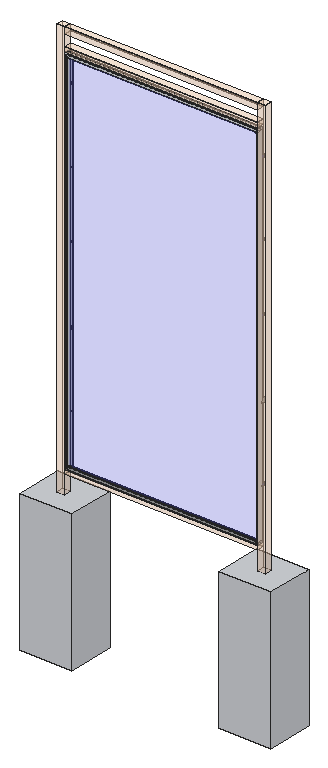
Revit family "Fence detail", category Generic Models, Revit 2026
Family settings
  Can host rebar = No
  Round Connector Dimension = Use Diameter
  Part Type = Normal
  Work Plane-Based = No
  Always vertical = Yes
  Cut with Voids When Loaded = No
  Maintain Annotation Orientation = No
  Shared = No
  Room Calculation Point = No
Parameters
  Default Elevation = 0"
Reference planes (in)
  plane 1 "Center (Front/Back)": y = 0
  plane 2: z = 0
  plane 3 "Center (Left/Right)": x = 0
  plane 4: z = 6
  plane 5: z = 102
  plane 6: x = 24.88189
  plane 7: x = -24.88189
  plane 8: z = 19.68504
  plane 9: z = 54
  plane 10: z = 36.84252
  plane 11: z = 91.79528
  plane 12: z = 78.26772
  plane 13: z = 108
  plane 14: z = -36
Forms (in)
  Extrusion 1, solid, material "Default Wall"
    sketch origin (0, -1.24311, 117.48181) x (0, -1, 0) y (0, 0, -1)
      loop
        line (-0.08731, 111.48031) -> (-1.24431, 111.48031)
        arc (-1.24431, 111.48031) -> (-1.2951, 111.45928) -> (-1.31613, 111.4085) r 0.07182
        line (-1.31613, 111.4085) -> (-1.31613, 111.21062) -> (-1.24559, 111.02685) -> (-1.19798, 111.02685) -> (-1.19798, 111.08495) -> (-1.23074, 111.11771) -> (-1.25522, 111.16011) -> (-1.25522, 111.29751) -> (-1.21613, 111.29751) -> (-1.21613, 111.25897) -> (-1.18348, 111.25897) -> (-1.18348, 111.38122)
        arc (-1.18348, 111.38122) -> (-1.1758, 111.39979) -> (-1.15723, 111.40747) r 0.02625
        line (-1.15723, 111.40747) -> (-1.0137, 111.40747)
        arc (-1.0137, 111.40747) -> (-0.9643, 111.38701) -> (-0.94384, 111.33762) r 0.06985
        line (-0.94384, 111.33762) -> (-0.94384, 110.96082)
        arc (-0.94384, 110.96082) -> (-0.92856, 110.92393) -> (-0.89167, 110.90865) r 0.05217
        line (-0.89167, 110.90865) -> (-0.12872, 110.90865)
        arc (-0.12872, 110.90865) -> (-0.09561, 110.89493) -> (-0.0819, 110.86183) r 0.04682
        line (-0.0819, 110.86183) -> (-0.0819, 110.59688)
        arc (-0.0819, 110.59688) -> (-0.04155, 110.55653) -> (-0.00121, 110.59688) r 0.04035
        line (-0.00121, 110.59688) -> (-0.00121, 111.39421)
        arc (-0.00121, 111.39421) -> (-0.02643, 111.4551) -> (-0.08731, 111.48031) r 0.0861
      loop
        line (-0.14274, 111.43498) -> (-0.83725, 111.43498)
        arc (-0.83725, 111.43498) -> (-0.8802, 111.41719) -> (-0.898, 111.37423) r 0.06075
        line (-0.898, 111.37423) -> (-0.898, 111.02433)
        arc (-0.898, 111.02433) -> (-0.87808, 110.97624) -> (-0.83, 110.95633) r 0.068
        line (-0.83, 110.95633) -> (-0.14091, 110.95633)
        arc (-0.14091, 110.95633) -> (-0.09918, 110.97361) -> (-0.0819, 111.01534) r 0.05901
        line (-0.0819, 111.01534) -> (-0.0819, 111.37414)
        arc (-0.0819, 111.37414) -> (-0.09972, 111.41716) -> (-0.14274, 111.43498) r 0.06084
    from -24.88189 to 24.88189
  Extrusion 2, solid
    sketch origin (19.68504, -1.24311, 0) x (0, -1, 0) y (0, 0, 1)
      loop
        line (-0.08731, 102) -> (-1.24431, 102)
        arc (-1.24431, 102) -> (-1.2951, 101.97896) -> (-1.31613, 101.92818) r 0.07182
        line (-1.31613, 101.92818) -> (-1.31613, 101.73031) -> (-1.24559, 101.54653) -> (-1.19798, 101.54653) -> (-1.19798, 101.60464) -> (-1.23074, 101.6374) -> (-1.25522, 101.6798) -> (-1.25522, 101.81719) -> (-1.21613, 101.81719) -> (-1.21613, 101.77865) -> (-1.18348, 101.77865) -> (-1.18348, 101.90091)
        arc (-1.18348, 101.90091) -> (-1.1758, 101.91947) -> (-1.15723, 101.92716) r 0.02625
        line (-1.15723, 101.92716) -> (-1.0137, 101.92716)
        arc (-1.0137, 101.92716) -> (-0.9643, 101.9067) -> (-0.94384, 101.85731) r 0.06985
        line (-0.94384, 101.85731) -> (-0.94384, 101.4805)
        arc (-0.94384, 101.4805) -> (-0.92856, 101.44361) -> (-0.89167, 101.42833) r 0.05217
        line (-0.89167, 101.42833) -> (-0.12872, 101.42833)
        arc (-0.12872, 101.42833) -> (-0.09561, 101.41462) -> (-0.0819, 101.38151) r 0.04682
        line (-0.0819, 101.38151) -> (-0.0819, 101.11656)
        arc (-0.0819, 101.11656) -> (-0.04155, 101.07622) -> (-0.00121, 101.11656) r 0.04035
        line (-0.00121, 101.11656) -> (-0.00121, 101.9139)
        arc (-0.00121, 101.9139) -> (-0.02643, 101.97478) -> (-0.08731, 102) r 0.0861
      loop
        line (-0.14274, 101.95467) -> (-0.83725, 101.95467)
        arc (-0.83725, 101.95467) -> (-0.8802, 101.93687) -> (-0.898, 101.89392) r 0.06075
        line (-0.898, 101.89392) -> (-0.898, 101.54401)
        arc (-0.898, 101.54401) -> (-0.87808, 101.49593) -> (-0.83, 101.47601) r 0.068
        line (-0.83, 101.47601) -> (-0.14091, 101.47601)
        arc (-0.14091, 101.47601) -> (-0.09918, 101.4933) -> (-0.0819, 101.53502) r 0.05901
        line (-0.0819, 101.53502) -> (-0.0819, 101.89383)
        arc (-0.0819, 101.89383) -> (-0.09972, 101.93685) -> (-0.14274, 101.95467) r 0.06084
    from -5.19685 to 44.56693
  Extrusion 3, solid, material "Glass"
    sketch origin (0, 0, 0) x (0, 1, 0) y (0, 0, 1)
      loop
        line (-0.05962, 101.90091) -> (-0.29948, 101.90091) -> (-0.29948, 6.05839) -> (-0.05962, 6.05839) -> (-0.05962, 101.90091)
    from -24.88189 to 24.88189
  Extrusion 4, solid
    sketch origin (0, -1.16887, 0) x (1, 0, 0) y (0, 1, 0)
      loop
        line (-24.88189, -0.07303) -> (-24.60105, -0.07303) -> (-24.44182, -0.01211) -> (-24.44182, 0.04513) -> (-24.48167, 0.04513) -> (-24.51443, 0.01237) -> (-24.57842, -0.01211) -> (-24.6781, -0.01211) -> (-24.6781, 0.02698) -> (-24.82361, 0.02698) -> (-24.82361, 0.29948) -> (-24.47078, 0.29948) -> (-24.47078, 1.15679) -> (-23.78894, 1.15679) -> (-23.78894, 1.2419) -> (-24.88189, 1.2419) -> (-24.88189, -0.07303)
      loop
        line (-24.83982, 0.3355) -> (-24.53056, 0.3355) -> (-24.53056, 1.15679) -> (-24.83982, 1.15679) -> (-24.83982, 0.3355)
    from 6 to 101.42833
  Extrusion 5, solid
    sketch origin (0, -1.16887, 0) x (-1, 0, 0) y (0, -1, 0)
      loop
        line (-24.88189, 0.07303) -> (-24.88189, -1.2419) -> (-23.78894, -1.2419) -> (-23.78894, -1.15679) -> (-24.47078, -1.15679) -> (-24.47078, -0.29948) -> (-24.82361, -0.29948) -> (-24.82361, -0.02698) -> (-24.6781, -0.02698) -> (-24.6781, 0.01211) -> (-24.57842, 0.01211) -> (-24.51443, -0.01237) -> (-24.48167, -0.04513) -> (-24.44182, -0.04513) -> (-24.44182, 0.01211) -> (-24.60105, 0.07303) -> (-24.88189, 0.07303)
      loop
        line (-24.83982, -0.3355) -> (-24.83982, -1.15679) -> (-24.53056, -1.15679) -> (-24.53056, -0.3355) -> (-24.83982, -0.3355)
    from 6 to 102
  Extrusion 6, solid, material "Analytical Panels"
    sketch origin (0, 0, 0) x (1, 0, 0) y (0, 1, 0)
      loop
        line (24.88189, -1.2419) -> (26.88976, -1.2419) -> (26.88976, 0.76597) -> (24.88189, 0.76597) -> (24.88189, -1.2419)
    from 0 to 108
  Extrusion 7, solid, material "Glass"
    sketch origin (0.04537, -0.24607, 0) x (1, 0, 0) y (0, 1, 0)
      loop
        line (24.83652, 0.31909) -> (24.83652, 1.10649) -> (24.79636, 1.10649) -> (24.79636, 0.35846) -> (24.04911, 0.35846) -> (24.04911, 0.31909) -> (24.83652, 0.31909)
    from 57.92294 to 58.74016
  Extrusion 8, solid, material "Glass"
    sketch origin (0.08553, -0.24607, 0) x (1, 0, 0) y (0, 1, 0)
      loop
        line (24.83652, 0.31909) -> (24.83652, 1.10649) -> (24.79636, 1.10649) -> (24.79636, 0.35846) -> (24.04911, 0.35846) -> (24.04911, 0.31909) -> (24.83652, 0.31909)
    from 18.87985 to 19.68504
  Extrusion 9, solid, material "Glass"
    sketch origin (53.80099, 0, 36.84252) x (1, 0, 0) y (0, 1, 0)
      loop
        line (-28.92101, 0.07303) -> (-28.92101, 0.86043) -> (-28.96117, 0.86043) -> (-28.96117, 0.1124) -> (-29.70842, 0.1124) -> (-29.70842, 0.07303) -> (-28.92101, 0.07303)
    from 38.36305 to 39.05512
  Extrusion 10, solid, material "Default"
    sketch origin (26.88976, 0, 19.68504) x (1, 0, 0) y (0, 1, 0)
      loop
        line (-2.00787, 0.07303) -> (-2.00787, 0.86043) -> (-2.04803, 0.86043) -> (-2.04803, 0.1124) -> (-2.79528, 0.1124) -> (-2.79528, 0.07303) -> (-2.00787, 0.07303)
    from 18.56138 to 19.52756
  Extrusion 11, solid, material "Analytical Panels"
    sketch origin (0, 0, 0) x (-1, 0, 0) y (0, -1, 0)
      loop
        line (24.88189, 1.2419) -> (24.88189, -0.76597) -> (26.88976, -0.76597) -> (26.88976, 1.2419) -> (24.88189, 1.2419)
    from 0 to 108
  Extrusion 12, solid, material "Analytical Panels"
    sketch origin (0, 0, 0) x (1, 0, 0) y (0, 1, 0)
      loop
        line (-24.88189, 0.76597) -> (-24.88189, -1.2419) -> (24.88189, -1.2419) -> (24.88189, 0.76597) -> (-24.88189, 0.76597)
    from 106.17808 to 108
  Extrusion 13, solid, material "Glass"
    sketch origin (53.8029, 0, 36.84252) x (1, 0, 0) y (0, 1, 0)
      loop
        line (-28.92101, 0.07303) -> (-28.92101, 0.86043) -> (-28.96117, 0.86043) -> (-28.96117, 0.1124) -> (-29.70842, 0.1124) -> (-29.70842, 0.07303) -> (-28.92101, 0.07303)
    from 57.55421 to 58.58268
  Extrusion 14, solid, material "Glass"
    sketch origin (-0.04537, -0.24607, 0) x (-1, 0, 0) y (0, -1, 0)
      loop
        line (24.83652, -0.31909) -> (24.04911, -0.31909) -> (24.04911, -0.35846) -> (24.79636, -0.35846) -> (24.79636, -1.10649) -> (24.83652, -1.10649) -> (24.83652, -0.31909)
    from 57.92294 to 58.74016
  Extrusion 15, solid, material "Glass"
    sketch origin (-0.08553, -0.24607, 0) x (-1, 0, 0) y (0, -1, 0)
      loop
        line (24.83652, -0.31909) -> (24.04911, -0.31909) -> (24.04911, -0.35846) -> (24.79636, -0.35846) -> (24.79636, -1.10649) -> (24.83652, -1.10649) -> (24.83652, -0.31909)
    from 18.87985 to 19.68504
  Extrusion 16, solid, material "Glass"
    sketch origin (-53.80099, 0, 36.84252) x (-1, 0, 0) y (0, -1, 0)
      loop
        line (-28.92101, -0.07303) -> (-29.70842, -0.07303) -> (-29.70842, -0.1124) -> (-28.96117, -0.1124) -> (-28.96117, -0.86043) -> (-28.92101, -0.86043) -> (-28.92101, -0.07303)
    from 38.36305 to 39.05512
  Extrusion 17, solid, material "Default"
    sketch origin (-26.88976, 0, 19.68504) x (-1, 0, 0) y (0, -1, 0)
      loop
        line (-2.00787, -0.07303) -> (-2.79528, -0.07303) -> (-2.79528, -0.1124) -> (-2.04803, -0.1124) -> (-2.04803, -0.86043) -> (-2.00787, -0.86043) -> (-2.00787, -0.07303)
    from 18.56138 to 19.52756
  Extrusion 18, solid, material "Glass"
    sketch origin (-53.8029, 0, 36.84252) x (-1, 0, 0) y (0, -1, 0)
      loop
        line (-28.92101, -0.07303) -> (-29.70842, -0.07303) -> (-29.70842, -0.1124) -> (-28.96117, -0.1124) -> (-28.96117, -0.86043) -> (-28.92101, -0.86043) -> (-28.92101, -0.07303)
    from 57.55421 to 58.58268
  Extrusion 19, solid
    sketch origin (0, 0, 0) x (1, 0, 0) y (0, 0, 1)
      loop
        line (-32.2958, 0) -> (-32.2958, -36) -> (-18.90997, -36) -> (-18.90997, 0) -> (-32.2958, 0)
    from -5.68915 to 6.26569
  Extrusion 20, solid
    sketch origin (0, 0, 0) x (-1, 0, 0) y (0, 0, -1)
      loop
        line (-32.2958, 0) -> (-18.90997, 0) -> (-18.90997, 36) -> (-32.2958, 36) -> (-32.2958, 0)
    from -5.68915 to 6.26569
  Extrusion 21, solid, material "Analytical Panels"
    sketch origin (-14.96063, 0, 0) x (1, 0, 0) y (0, 1, 0)
      loop
        line (-9.92126, 0.76597) -> (-9.92126, -1.2419) -> (39.84252, -1.2419) -> (39.84252, 0.76597) -> (-9.92126, 0.76597)
    from 102 to 103.44993
  Extrusion 22, solid, material "Analytical Panels"
    sketch origin (-24.40945, 0, 0) x (1, 0, 0) y (0, 1, 0)
      loop
        line (-0.47244, 0.76597) -> (-0.47244, -1.2419) -> (49.29134, -1.2419) -> (49.29134, 0.76597) -> (-0.47244, 0.76597)
    from 4.84695 to 6
Dimensions and locks (in)
  plane 6 to plane 3 "Center (Left/Right)" = 24.88189"
  plane 5 to plane 4 to level to plane 14 = 96", 6", 36"
  equal spacing: plane 4, plane 9, plane 5
  equal spacing: plane 8, plane 10, plane 9
  aligned and locked: plane 2 to level
  aligned and locked: Extrusion 3 to plane 6
  aligned and locked: Extrusion 3 to plane 7
  aligned and locked: Extrusion 1 to plane 6
  aligned and locked: plane 7 to Extrusion 1
Automatic sketch dimensions
  Extrusion 1 sketch curve to plane 1 "Center (Front/Back)" = 0.07303"
  Extrusion 1 sketch curve to plane 1 "Center (Front/Back)" = 0.01211"
  Extrusion 1 sketch curve to plane 1 "Center (Front/Back)" = 0.00248"
  Extrusion 1 sketch curve to plane 1 "Center (Front/Back)" = 0.00121"
  plane 1 "Center (Front/Back)" to Extrusion 1 sketch curve = 0.01237"
  plane 1 "Center (Front/Back)" to Extrusion 1 sketch curve = 0.02698"
  plane 1 "Center (Front/Back)" to Extrusion 1 sketch curve = 0.04513"
  Extrusion 1 sketch curve to Extrusion 1 sketch curve = 0.03264"
  Extrusion 1 sketch curve to Extrusion 1 sketch curve = 0.02625"
  Extrusion 1 sketch curve to Extrusion 1 sketch curve = 0.14354"
  Extrusion 1 sketch curve to Extrusion 1 sketch curve = 0.06985"
  Extrusion 1 sketch curve to Extrusion 1 sketch curve = 0.04585"
  Extrusion 1 sketch curve to Extrusion 1 sketch curve = 0.05217"
  Extrusion 1 sketch curve to Extrusion 1 sketch curve = 0.06075"
  Extrusion 1 sketch curve to Extrusion 1 sketch curve = 0.068"
  plane 4 to Extrusion 1 sketch curve = 0.10767"
  Extrusion 1 sketch curve to Extrusion 1 sketch curve = 0.6945"
  Extrusion 1 sketch curve to Extrusion 1 sketch curve = 0.00183"
  Extrusion 1 sketch curve to Extrusion 1 sketch curve = 0.01219"
  plane 4 to Extrusion 1 sketch curve = 0.0015"
  Extrusion 1 sketch curve to Extrusion 1 sketch curve = 0.05543"
  Extrusion 1 sketch curve to Extrusion 1 sketch curve = 0.04682"
  Extrusion 1 sketch curve to Extrusion 1 sketch curve = 0.00541"
  Extrusion 1 sketch curve to Extrusion 1 sketch curve = 0.04035"
  Extrusion 1 sketch curve to Extrusion 1 sketch curve = 0.03661"
  Extrusion 1 sketch curve to Extrusion 1 sketch curve = 0.08371"
  Extrusion 1 sketch curve to Extrusion 1 sketch curve = 0.03854"
  Extrusion 1 sketch curve to Extrusion 1 sketch curve = 0.08688"
  Extrusion 1 sketch curve to Extrusion 1 sketch curve = 0.05051"
  Extrusion 1 sketch curve to Extrusion 1 sketch curve = 0.0424"
  Extrusion 1 sketch curve to Extrusion 1 sketch curve = 0.03276"
  Extrusion 1 sketch curve to Extrusion 1 sketch curve = 0.05811"
  Extrusion 1 sketch curve to Extrusion 1 sketch curve = 0.00252"
  Extrusion 1 sketch curve to Extrusion 1 sketch curve = 0.00449"
  Extrusion 1 sketch curve to Extrusion 1 sketch curve = 0.26495"
  Extrusion 2 sketch curve to plane 5 = 0"
  Extrusion 2 sketch curve to plane 1 "Center (Front/Back)" = 0.07303"
  Extrusion 2 sketch curve to plane 1 "Center (Front/Back)" = 0.01211"
  Extrusion 2 sketch curve to plane 1 "Center (Front/Back)" = 0.00248"
  Extrusion 2 sketch curve to plane 1 "Center (Front/Back)" = 0.00121"
  plane 1 "Center (Front/Back)" to Extrusion 2 sketch curve = 0.01237"
  plane 1 "Center (Front/Back)" to Extrusion 2 sketch curve = 0.02698"
  plane 1 "Center (Front/Back)" to Extrusion 2 sketch curve = 0.04513"
  Extrusion 2 sketch curve to Extrusion 2 sketch curve = 0.03264"
  Extrusion 2 sketch curve to Extrusion 2 sketch curve = 0.02625"
  Extrusion 2 sketch curve to Extrusion 2 sketch curve = 0.14354"
  Extrusion 2 sketch curve to Extrusion 2 sketch curve = 0.06985"
  Extrusion 2 sketch curve to Extrusion 2 sketch curve = 0.04585"
  Extrusion 2 sketch curve to Extrusion 2 sketch curve = 0.05217"
  Extrusion 2 sketch curve to Extrusion 2 sketch curve = 0.06075"
  Extrusion 2 sketch curve to Extrusion 2 sketch curve = 0.068"
  Extrusion 2 sketch curve to plane 5 = 0.10617"
  Extrusion 2 sketch curve to Extrusion 2 sketch curve = 0.6945"
  Extrusion 2 sketch curve to Extrusion 2 sketch curve = 0.00183"
  Extrusion 2 sketch curve to Extrusion 2 sketch curve = 0.01219"
  Extrusion 2 sketch curve to Extrusion 2 sketch curve = 0.05543"
  Extrusion 2 sketch curve to Extrusion 2 sketch curve = 0.04682"
  Extrusion 2 sketch curve to Extrusion 2 sketch curve = 0.00541"
  Extrusion 2 sketch curve to Extrusion 2 sketch curve = 0.04035"
  Extrusion 2 sketch curve to Extrusion 2 sketch curve = 0.03661"
  Extrusion 2 sketch curve to Extrusion 2 sketch curve = 0.08371"
  Extrusion 2 sketch curve to Extrusion 2 sketch curve = 0.03854"
  Extrusion 2 sketch curve to Extrusion 2 sketch curve = 0.08688"
  Extrusion 2 sketch curve to Extrusion 2 sketch curve = 0.05051"
  Extrusion 2 sketch curve to Extrusion 2 sketch curve = 0.0424"
  Extrusion 2 sketch curve to Extrusion 2 sketch curve = 0.03276"
  Extrusion 2 sketch curve to Extrusion 2 sketch curve = 0.05811"
  Extrusion 2 sketch curve to Extrusion 2 sketch curve = 0.00252"
  Extrusion 2 sketch curve to Extrusion 2 sketch curve = 0.00449"
  Extrusion 2 sketch curve to Extrusion 2 sketch curve = 0.26495"
  Extrusion 3 sketch curve to plane 5 = 0.09909"
  plane 1 "Center (Front/Back)" to Extrusion 3 sketch curve = 0.29948"
  plane 1 "Center (Front/Back)" to Extrusion 3 sketch curve = 0.05962"
  plane 4 to Extrusion 3 sketch curve = 0.05839"
  Extrusion 4 sketch curve to plane 7 = 0"
  plane 1 "Center (Front/Back)" to Extrusion 4 sketch curve = 0.01208"  (x2)
  plane 7 to Extrusion 4 sketch curve = 0.04207"
  plane 7 to Extrusion 4 sketch curve = 0.05828"
  Extrusion 4 sketch curve to Extrusion 4 sketch curve = 0.14551"
  Extrusion 4 sketch curve to Extrusion 4 sketch curve = 0.07705"
  Extrusion 4 sketch curve to Extrusion 4 sketch curve = 0.02263"
  Extrusion 4 sketch curve to Extrusion 4 sketch curve = 0.29305"
  Extrusion 4 sketch curve to Extrusion 4 sketch curve = 0.06399"
  Extrusion 4 sketch curve to Extrusion 4 sketch curve = 0.03276"  (x2)
  Extrusion 4 sketch curve to Extrusion 4 sketch curve = 0.05978"
  Extrusion 4 sketch curve to Extrusion 4 sketch curve = 0.03985"
  Extrusion 4 sketch curve to plane 1 "Center (Front/Back)" = 0.07303"
  Extrusion 4 sketch curve to Extrusion 4 sketch curve = 0.68184"
  Extrusion 4 sketch curve to Extrusion 4 sketch curve = 0.82129"
  Extrusion 4 sketch curve to Extrusion 4 sketch curve = 0.03602"
  Extrusion 4 sketch curve to Extrusion 4 sketch curve = 0.25435"
  Extrusion 4 sketch curve to Extrusion 4 sketch curve = 0.01815"
  Extrusion 4 sketch curve to Extrusion 4 sketch curve = 0.03909"
  Extrusion 4 sketch curve to Extrusion 4 sketch curve = 0.05724"
  Extrusion 4 sketch curve to Extrusion 4 sketch curve = 0.10001"
  Extrusion 5 sketch curve to plane 6 = 0"
  plane 1 "Center (Front/Back)" to Extrusion 5 sketch curve = 0.01208"  (x2)
  plane 6 to Extrusion 5 sketch curve = 0.04207"
  plane 6 to Extrusion 5 sketch curve = 0.05828"
  Extrusion 5 sketch curve to Extrusion 5 sketch curve = 0.14551"
  Extrusion 5 sketch curve to Extrusion 5 sketch curve = 0.07705"
  Extrusion 5 sketch curve to Extrusion 5 sketch curve = 0.02263"
  Extrusion 5 sketch curve to Extrusion 5 sketch curve = 0.29305"
  Extrusion 5 sketch curve to Extrusion 5 sketch curve = 0.06399"
  Extrusion 5 sketch curve to Extrusion 5 sketch curve = 0.03276"  (x2)
  Extrusion 5 sketch curve to Extrusion 5 sketch curve = 0.05978"
  Extrusion 5 sketch curve to Extrusion 5 sketch curve = 0.03985"
  Extrusion 5 sketch curve to plane 1 "Center (Front/Back)" = 0.07303"
  Extrusion 5 sketch curve to Extrusion 5 sketch curve = 0.68184"
  Extrusion 5 sketch curve to Extrusion 5 sketch curve = 0.82129"
  Extrusion 5 sketch curve to Extrusion 5 sketch curve = 0.03602"
  Extrusion 5 sketch curve to Extrusion 5 sketch curve = 0.25435"
  Extrusion 5 sketch curve to Extrusion 5 sketch curve = 0.01815"
  Extrusion 5 sketch curve to Extrusion 5 sketch curve = 0.05724"
  Extrusion 5 sketch curve to Extrusion 5 sketch curve = 0.02448"
  Extrusion 5 sketch curve to Extrusion 5 sketch curve = 0.06091"
  Extrusion 6 sketch curve to plane 6 = 0"
  Extrusion 6 sketch curve to plane 1 "Center (Front/Back)" = 0.76597"
  Extrusion 6 sketch curve to Extrusion 6 sketch curve = 2.00787"
  plane 1 "Center (Front/Back)" to Extrusion 6 sketch curve = 1.2419"
  Extrusion 7 sketch curve to plane 6 = 0"
  plane 6 to Extrusion 7 sketch curve = 0.04016"
  Extrusion 7 sketch curve to plane 1 "Center (Front/Back)" = 0.07303"
  Extrusion 7 sketch curve to Extrusion 7 sketch curve = 0.74724"
  Extrusion 7 sketch curve to Extrusion 7 sketch curve = 0.03937"
  Extrusion 7 sketch curve to Extrusion 7 sketch curve = 0.74803"
  Extrusion 8 sketch curve to plane 6 = 0"
  Extrusion 8 sketch curve to plane 1 "Center (Front/Back)" = 0.07303"
  plane 6 to Extrusion 8 sketch curve = 0.74724"
  Extrusion 8 sketch curve to plane 6 = 0.04016"
  Extrusion 8 sketch curve to Extrusion 8 sketch curve = 0.03937"
  Extrusion 8 sketch curve to Extrusion 8 sketch curve = 0.74803"
  Extrusion 9 sketch curve to plane 1 "Center (Front/Back)" = 0.07303"
  plane 6 to Extrusion 9 sketch curve = 0.78931"
  plane 6 to Extrusion 9 sketch curve = 0.04207"
  plane 6 to Extrusion 9 sketch curve = 0.00191"
  Extrusion 9 sketch curve to Extrusion 9 sketch curve = 0.03937"
  Extrusion 9 sketch curve to Extrusion 9 sketch curve = 0.74803"
  Extrusion 10 sketch curve to plane 6 = 0"
  plane 6 to Extrusion 10 sketch curve = 0.04016"
  Extrusion 10 sketch curve to plane 1 "Center (Front/Back)" = 0.07303"
  Extrusion 10 sketch curve to Extrusion 10 sketch curve = 0.74724"
  Extrusion 10 sketch curve to Extrusion 10 sketch curve = 0.03937"
  Extrusion 10 sketch curve to Extrusion 10 sketch curve = 0.74803"
  Extrusion 11 sketch curve to plane 7 = 0"
  Extrusion 11 sketch curve to plane 1 "Center (Front/Back)" = 0.76597"
  Extrusion 11 sketch curve to Extrusion 11 sketch curve = 2.00787"
  plane 1 "Center (Front/Back)" to Extrusion 11 sketch curve = 1.2419"
  Extrusion 12 sketch curve to plane 7 = 0"
  Extrusion 12 sketch curve to plane 6 = 0"
  plane 1 "Center (Front/Back)" to Extrusion 12 sketch curve = 1.2419"
  Extrusion 12 sketch curve to plane 1 "Center (Front/Back)" = 0.76597"
  Extrusion 13 sketch curve to plane 6 = 0"
  plane 6 to Extrusion 13 sketch curve = 0.04016"
  Extrusion 13 sketch curve to plane 1 "Center (Front/Back)" = 0.07303"
  Extrusion 13 sketch curve to Extrusion 13 sketch curve = 0.74724"
  Extrusion 13 sketch curve to Extrusion 13 sketch curve = 0.03937"
  Extrusion 13 sketch curve to Extrusion 13 sketch curve = 0.74803"
  Extrusion 14 sketch curve to plane 7 = 0"
  plane 7 to Extrusion 14 sketch curve = 0.04016"
  Extrusion 14 sketch curve to plane 1 "Center (Front/Back)" = 0.07303"
  Extrusion 14 sketch curve to Extrusion 14 sketch curve = 0.74724"
  Extrusion 14 sketch curve to Extrusion 14 sketch curve = 0.03937"
  Extrusion 14 sketch curve to Extrusion 14 sketch curve = 0.74803"
  Extrusion 15 sketch curve to plane 7 = 0"
  Extrusion 15 sketch curve to plane 1 "Center (Front/Back)" = 0.07303"
  plane 7 to Extrusion 15 sketch curve = 0.74724"
  Extrusion 15 sketch curve to plane 7 = 0.04016"
  Extrusion 15 sketch curve to Extrusion 15 sketch curve = 0.03937"
  Extrusion 15 sketch curve to Extrusion 15 sketch curve = 0.74803"
  Extrusion 16 sketch curve to plane 1 "Center (Front/Back)" = 0.07303"
  plane 7 to Extrusion 16 sketch curve = 0.78931"
  plane 7 to Extrusion 16 sketch curve = 0.04207"
  plane 7 to Extrusion 16 sketch curve = 0.00191"
  Extrusion 16 sketch curve to Extrusion 16 sketch curve = 0.03937"
  Extrusion 16 sketch curve to Extrusion 16 sketch curve = 0.74803"
  Extrusion 17 sketch curve to plane 7 = 0"
  plane 7 to Extrusion 17 sketch curve = 0.04016"
  Extrusion 17 sketch curve to plane 1 "Center (Front/Back)" = 0.07303"
  Extrusion 17 sketch curve to Extrusion 17 sketch curve = 0.74724"
  Extrusion 17 sketch curve to Extrusion 17 sketch curve = 0.03937"
  Extrusion 17 sketch curve to Extrusion 17 sketch curve = 0.74803"
  Extrusion 18 sketch curve to plane 7 = 0"
  plane 7 to Extrusion 18 sketch curve = 0.04016"
  Extrusion 18 sketch curve to plane 1 "Center (Front/Back)" = 0.07303"
  Extrusion 18 sketch curve to Extrusion 18 sketch curve = 0.74724"
  Extrusion 18 sketch curve to Extrusion 18 sketch curve = 0.03937"
  Extrusion 18 sketch curve to Extrusion 18 sketch curve = 0.74803"
  Extrusion 19 sketch curve to level = 0"
  Extrusion 19 sketch curve to plane 7 = 7.41391"
  plane 7 to Extrusion 19 sketch curve = 5.97192"
  Extrusion 19 sketch curve to level = 36"
  Extrusion 20 sketch curve to level = 0"
  Extrusion 20 sketch curve to plane 6 = 7.41391"
  plane 6 to Extrusion 20 sketch curve = 5.97192"
  Extrusion 20 sketch curve to Extrusion 20 sketch curve = 36"
  Extrusion 21 sketch curve to plane 7 = 0"
  Extrusion 21 sketch curve to plane 6 = 0"
  plane 1 "Center (Front/Back)" to Extrusion 21 sketch curve = 1.2419"
  Extrusion 21 sketch curve to plane 1 "Center (Front/Back)" = 0.76597"
  plane 1 "Center (Front/Back)" to Extrusion 22 sketch curve = 1.2419"
  plane 7 to Extrusion 22 sketch curve = 0"
  plane 6 to Extrusion 22 sketch curve = 0"
  Extrusion 22 sketch curve to plane 1 "Center (Front/Back)" = 0.76597"
